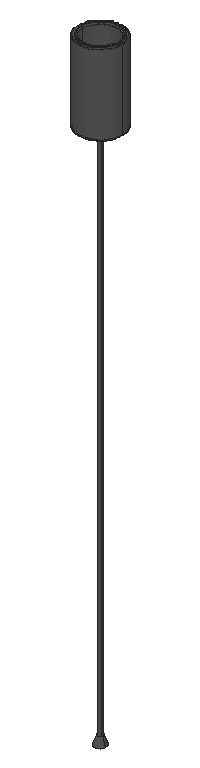
Revit family "CARLO CYLINDER LIGHT Pendant_ Surface", category Lighting Fixtures, host Face, Revit 2020 (continued)
Parameters (values of type "CCL4-07-20SPSW8-25-PSM-BK")
    6512.7 6337.3 6096.8 5769.4 5375.5 4936.1 4466.6 3990.5 3530.3 \r\n 3082.6 2655.5 2275.3 1953.2 1673.2 1442 1245 1106.6 968.85 870.12 \r\n 798 744.97 703.26 672.02 648.04 628.81 613.25 602.39 593.76 586.82 \r\n 579.71 570.95 562.87 546.78 535.14 520.34 494.26 456.89 411.01 360.96 \r\n 310.92 258.26 206.4 154.38 112.74 71.186 44.383 37.215 33.644 29.231 \r\n 26.16 23.416 21.105 18.898 16.684 14.213 11.945 9.6985 7.8503 6.0416 \r\n 4.5914 3.513 2.7998 2.271 1.8724 1.5956 1.3882 1.2658 1.1643 1.0951 \r\n 1.0141 0.96113 0.89652 0.83165 0.77882 0.71406 0.65722 0.60045 0.53162 0.47878 \r\n 0.41802 0.3572 0.29638 0.24375 0.19104 0.14234 0.097701 0.049082 0.00042468 0 \r\n 0 0 0 0 0 0 0 0 0 0 \r\n 0 0 0 0.0040221 0.016123 0.036335 0.068596 0.10103 0.12544 0.16182 \r\n 0.19429 0.24281 0.2794 0.33198 0.37665 0.42527 0.48198 0.53458 0.5913 0.6561 \r\n 0.72499 0.78589 0.86278 0.93178 1.0088 1.0938 1.179 1.2682 1.3692 1.4786 \r\n 1.5921 1.7337 1.8756 2.0336 2.2159 2.4064 2.6211 2.8521 3.1073 3.3668 \r\n 3.6537 3.9496 4.2657 4.594 4.9265 5.267 5.6036 5.9441 6.2727 6.593 \r\n 6.9013 7.1966 7.4725 7.7201 7.9594 8.1826 8.3815 8.5761 8.7547 8.917 \r\n 9.0752 9.2172 9.3427 9.4483 9.5336 9.5907 9.6394 9.6599 9.6561 9.6561 \r\n 9.5998 9.5148 9.4055 9.2924 9.1748 9.0813 9.0121 8.9834 8.9791 8.9952 \r\n 9.2385 \r\n6620.4 6527.5 6352.6 6114.2 5796.5 5411.3 4977.4 4516.1 4039.7 3576.4 \r\n 3129.5 2708.5 2319.2 1988.7 1717.6 1478.2 1278.2 1132.8 988.14 888.06 \r\n 811.76 753.51 712.13 679.48 654.33 634.41 619.95 607.71 598.43 590.08 \r\n 583.94 576.35 568.15 550.54 536.99 522.64 497.14 461.98 417.44 368.86 \r\n 318.62 263.94 213.63 161.03 119.67 78.454 51.126 40.2 34.504 29.367 \r\n 26.336 23.333 21.212 18.927 16.952 14.613 12.095 9.8084 7.9665 6.1841 \r\n 4.7072 3.6588 2.8811 2.3213 1.8931 1.6225 1.4125 1.2851 1.1938 1.1186 \r\n 1.0435 0.9802 0.91716 0.85785 0.79468 0.73537 0.68002 0.6169 0.55759 0.49051 \r\n 0.42726 0.37186 0.31264 0.26134 0.20218 0.15462 0.10331 0.059757 0.00068001 0 \r\n 0 0 0 0 0 0 0 0 0 0 \r\n 0 0 0 0.0039081 0.023495 0.051069 0.07865 0.11801 0.14581 0.18127 \r\n 0.22854 0.26814 0.31937 0.37073 0.42209 0.47736 0.53267 0.59563 0.65494 0.722 \r\n 0.78526 0.85628 0.92349 1.0024 1.0814 1.1721 1.2552 1.3499 1.4561 1.5745 \r\n 1.7125 1.8547 2.0087 2.1823 2.3834 2.5966 2.8295 3.0783 3.3545 3.6428 \r\n 3.946 4.2658 4.5898 4.9332 5.2692 5.605 5.9447 6.2766 6.6007 6.909 \r\n 7.2016 7.4619 7.7305 7.964 8.1776 8.3753 8.5533 8.7194 8.8775 9.016 \r\n 9.1504 9.2808 9.3874 9.4941 9.5773 9.6525 9.7041 9.7282 9.7402 9.7442 \r\n 9.7286 9.6659 9.591 9.5083 9.4214 9.354 9.2908 9.2588 9.2467 9.2778 \r\n 9.2385 \r\n6620.4 6571.8 6435.9 6225.7 5944.7 5596 5176.2 4733.5 4270.5 3802.5 \r\n 3358.2 2926.8 2546.2 2166.2 1859.5 1600 1382.6 1195 1048.4 937.28 \r\n 848.12 782.31 732.11 692.81 665 640.51 624.58 611.63 600.37 591.92 \r\n 585.61 578.08 570.06 553.92 540.64 527.13 506.76 475.71 434.54 388.44 \r\n 336.74 286.7 234.16 181.66 133.74 92.893 61.981 43.226 37.835 32.938 \r\n 29.153 25.077 21.865 19.643 17.539 15.221 13.115 10.542 8.5921 6.7866 \r\n 5.2365 4.0597 3.2272 2.593 2.1026 1.7459 1.4961 1.3139 1.1988 1.1037 \r\n 1.0321 0.95687 0.90897 0.83764 0.78587 0.7225 0.66288 0.59931 0.53577 0.47617 \r\n 0.41654 0.353 0.29344 0.23785 0.1862 0.13447 0.075154 0.031539 0 0 \r\n 0 0 0 0 0 0 0 0 0 0 \r\n 0.000063 0.0081069 0.027939 0.043798 0.055788 0.075763 0.10751 0.13544 0.17509 0.20688 \r\n 0.25058 0.29432 0.34196 0.38574 0.43742 0.49305 0.54871 0.6083 0.66794 0.73151 \r\n 0.79494 0.86251 0.93406 1.0096 1.0891 1.1725 1.2559 1.3396 1.4469 1.5583 \r\n 1.6855 1.8128 1.9635 2.1266 2.3174 2.5161 2.727 2.9734 3.22 3.5022 \r\n 3.7924 4.0984 4.4165 4.7533 5.0909 5.4209 5.7743 6.1081 6.4457 6.7634 \r\n 7.0652 7.3551 7.6251 7.8831 8.1089 8.3232 8.5138 8.6925 8.8593 9.0142 \r\n 9.1572 9.3 9.4191 9.5223 9.6215 9.7045 9.7639 9.7875 9.7874 9.7753 \r\n 9.7394 9.6875 9.6121 9.5365 9.4572 9.3897 9.3307 9.3308 9.339 9.3784 \r\n 9.2385 \r\n6620.4 6599.8 6479.4 6286.8 6031.4 5701.1 5309.3 4879.8 4420.5 3960.7 \r\n 3508.5 3072.4 2652.2 2269.5 1956.7 1681.2 1446.1 1249.1 1107.1 965.73 \r\n 871.15 798.49 744.75 702.73 669.82 645.33 626.44 612.96 601.86 591.65 \r\n 584.02 576.77 569.22 553.98 540.51 527.01 510.97 479.7 439.23 393.76 \r\n 341.75 292.02 238.93 189.14 139.31 101.01 62.843 43.449 36.996 32.016 \r\n 27.044 23.886 21.389 19.203 17.23 15.181 12.713 10.539 8.5825 6.8963 \r\n 5.2723 4.1455 3.257 2.6118 2.1233 1.7825 1.5184 1.3616 1.2376 1.1336 \r\n 1.0654 0.98974 0.94566 0.87816 0.82217 0.76238 0.70255 0.64272 0.57894 0.52301 \r\n 0.45928 0.39546 0.33953 0.2799 0.22007 0.176 0.1203 0.072341 0.024476 0.00026878 \r\n 0 0 0 0 0 0 0 0 0 0 \r\n 0 0 0 0 0.0078933 0.027714 0.055479 0.079461 0.12309 0.15121 \r\n 0.19489 0.23483 0.2826 0.33047 0.38228 0.43808 0.48603 0.54951 0.60545 0.67312 \r\n 0.73698 0.8008 0.87251 0.94825 1.028 1.1038 1.1914 1.2713 1.3745 1.4861 \r\n 1.6096 1.7372 1.8884 2.04 2.2231 2.4185 2.6257 2.8608 3.1158 3.3751 \r\n 3.6533 3.9601 4.2751 4.6099 4.945 5.284 5.6152 5.9581 6.2853 6.6084 \r\n 6.9157 7.2063 7.4817 7.7372 7.9649 8.1805 8.3801 8.5559 8.7196 8.8752 \r\n 9.0268 9.1626 9.286 9.3979 9.4859 9.5658 9.6337 9.6897 9.6943 9.6983 \r\n 9.7023 9.6589 9.5993 9.5199 9.4598 9.3803 9.332 9.2842 9.26 9.2597 \r\n 9.2385 \r\n6620.4 6641.8 6555.3 6380.5 6148.4 5865.4 5505.4 5100.8 4666.8 4193.7 \r\n 3739.2 3295.9 2855.5 2471.7 2124 1820.2 1565 1342.5 1166.9 1023.6 \r\n 912.2 830.23 768.66 720.64 685.85 656.39 633.22 616.73 604.49 593.05 \r\n 583.94 577.26 569.85 556.11 542.4 530.69 516.17 491.11 453.1 406.19 \r\n 354.38 305.28 253.57 201.85 149.01 104.97 68.792 45.359 37.114 31.433 \r\n 26.6 23.608 21.494 19.48 17.317 15.233 13.004 11.028 9.024 7.2987 \r\n 5.7075 4.4565 3.5096 2.8221 2.2799 1.892 1.5963 1.3845 1.2445 1.1288 \r\n 1.0606 0.98468 0.92857 0.8684 0.80046 0.74853 0.69642 0.64021 0.56827 0.51606 \r\n 0.44796 0.37986 0.31191 0.25972 0.19578 0.14767 0.095797 0.051702 0.0039738 0 \r\n 0 0 0 0 0 0 0 0 0 0 \r\n 0 0.000066 0.0081109 0.020198 0.040263 0.064298 0.088333 0.11248 0.14854 0.18446 \r\n 0.21663 0.2647 0.3127 0.35286 0.4049 0.45308 0.51313 0.56925 0.62934 0.68946 \r\n 0.75341 0.82151 0.88964 0.96181 1.0419 1.1181 1.2062 1.2944 1.3826 1.4869 \r\n 1.5992 1.7314 1.8634 2.0198 2.1921 2.3765 2.5731 2.8054 3.0381 3.3025 \r\n 3.5711 3.8677 4.1762 4.492 4.8285 5.1689 5.5054 5.842 6.1902 6.5067 \r\n 6.819 7.1194 7.4114 7.6637 7.9113 8.1434 8.3476 8.5357 8.704 8.8721 \r\n 9.0243 9.1764 9.3124 9.4324 9.5285 9.6203 9.7002 9.7518 9.7518 9.7518 \r\n 9.7435 9.7073 9.655 9.5789 9.5029 9.4388 9.3708 9.3192 9.2993 9.2993 \r\n 9.2385 \r\n6620.4 6652.3 6568 6397.9 6165.2 5903.7 5559.2 5163.1 4721.7 4267.2 \r\n 3801.1 3347.9 2919.3 2515.1 2160.6 1844.2 1583.4 1360.8 1169.9 1045.3 \r\n 921.53 833.22 773.31 723.13 684.52 655.37 632.32 615.14 601.04 590.77 \r\n 580.93 573.35 566.01 548.86 536.53 525.2 512.07 487.51 449.01 404.05 \r\n 349.99 300.35 242.91 192.15 141.99 103.46 65.068 44.767 37.827 31.722 \r\n 26.838 23.61 21.413 19.408 17.365 15.227 13.059 10.995 9.1181 7.4182 \r\n 5.8075 4.5112 3.5 2.7541 2.2137 1.8503 1.6001 1.4108 1.2975 1.1891 \r\n 1.1165 1.0402 0.99191 0.93581 0.86771 0.81137 0.74723 0.69094 0.6268 0.56257 \r\n 0.49834 0.43808 0.3739 0.30984 0.24561 0.19724 0.14511 0.096885 0.05268 0.00058608 \r\n 0 0 0 0 0 0 0 0 0 0 \r\n 0 0 0 0 0 0.015892 0.043795 0.06793 0.10788 0.13612 \r\n 0.18009 0.22028 0.26042 0.31644 0.3647 0.42082 0.46908 0.52504 0.5852 0.64938 \r\n 0.70965 0.7778 0.84604 0.92222 1.0025 1.0788 1.163 1.2433 1.3432 1.4436 \r\n 1.5637 1.6881 1.8245 1.9848 2.1453 2.3377 2.5383 2.7589 3.0114 3.2643 \r\n 3.5364 3.8371 4.1461 4.475 4.8002 5.1373 5.4666 5.8116 6.141 6.4582 \r\n 6.7793 7.0719 7.357 7.6222 7.8594 8.0962 8.2894 8.4821 8.6549 8.8156 \r\n 8.9762 9.1249 9.2611 9.3857 9.4903 9.5788 9.6553 9.7117 9.752 9.7644 \r\n 9.7645 9.7645 9.7089 9.6291 9.5409 9.4605 9.3802 9.3078 9.2633 9.2589 \r\n 9.2385 \r\n"
  Mounting Option [instance] = 2
  Model = "CCL4-07-20SPSW8-25-PSM-BK"
  Manufacturer = "Above All Lighting"
  built-in parameter 1150105 = 135.28 (stored number, unit not read)
  Lumens = 1700 lm
  built-in parameter 1150115 = 1 (stored number, unit not read)
  Load Classification = Lighting
  built-in parameter 1150137 = (empty or 0)
  built-in parameter 1150139 = (empty or 0)
  built-in parameter 1150112 = 1 (stored number, unit not read)
  built-in parameter 1150114 = 1 (stored number, unit not read)
  built-in parameter 1150132 = 2
  built-in parameter 1150102 = (empty or 0)
  built-in parameter 1150107 = 2700 (stored number, unit not read)
  built-in parameter 1150138 = (empty or 0)
  built-in parameter 1150106 = 1.3528 (stored number, unit not read)
  IP Rating = "IP 65 Suitable for Wet Location"  # constant formula
  Fixture Height = 0' - 7 51/256"
  Fixture Diameter = 0' - 4"
  Finish/Color = BLACK
  built-in parameter 1150104 = 13.8 (stored number, unit not read)
  Dimming Lamp Color Temperature Shift = <None>
  Dimming / Control = "0-10V"
  Description = "This architectural Carlo Cylinder light is designed for accent lighting and features a state-of-the-art design. \r\nIP65 rated for wet locations."
  Default Elevation = 0' - 0"
  Color Filter = 16777215
  Ceiling Mount [instance] = Mounting Option = 1  # no
  Canopy Height [instance] = 0' - 0 205/256"  # constant formula
  Cable Pendant [instance] = Mounting Option = 2  # yes
  CRI = "90Ra"  # constant formula
  built-in parameter 1114218 = 1 (stored number, unit not read)
  BEAMING ANGLE = 25.00°
  Average life based on 104F(HRS) = "L70 - 100,000 Hours"  # constant formula
  built-in parameter 1150133 = 10 (stored number, unit not read)
  Apparent Load = 20 VA
Reference planes (in)
  plane 1 "Center (Front/Back)": y = 0
  plane 2: z = 0
  plane 3 "Center (Left/Right)": x = 0
  plane 4: x = -2
  plane 5: x = 2
  plane 6: z = 56.42578
  plane 7: z = 49.22656
  plane 8: z = 0.80078
Forms (in)
  Revolve 1, solid, material "BLACK" <- "Finish/Color", visible <- "Rod Pendant"
    sketch origin (0, 0, 0) x (1, 0, 0) y (0, 0, 1)
      loop
        line (-0.27362, 0.80078) -> (0, 0.80078) -> (0, 49.22656) -> (-0.27362, 49.22656) -> (-0.27362, 0.80078)
      axis (0, 49.22656) -> (0, 0.80078)
    angle from 0 to 360
  Revolve 2, solid, material "BLACK" <- "Finish/Color", visible <- "Ceiling Mount"
    sketch origin (0, 0, 0) x (1, 0, 0) y (0, 0, 1)
      loop
        line (0, 0) -> (0, 0.80078) -> (-2, 0.80078) -> (-2, 0) -> (0, 0)
      axis (0, 0) -> (0, 0.80078)
    angle from 0 to 360
  Revolve 3, solid, material "BLACK" <- "Finish/Color", visible <- "Cable Pendant"
    sketch origin (5.5, 0, 0) x (1, 0, 0) y (0, 0, 1)
      loop
        line (-5.67206, 1.55078) -> (-5.758, 1.55078) -> (-6.01624, 0.80078) -> (-5.5, 0.80078) -> (-5.5, 49.22656) -> (-6.01624, 49.22656) -> (-5.758, 48.47656) -> (-5.67206, 48.47656) -> (-5.67206, 1.55078)
      axis (-5.5, 49.22656) -> (-5.5, 0.80078)
    angle from 0 to 360
Dimensions and locks (in)
  equal spacing: plane 4, plane 3 "Center (Left/Right)", plane 5
  "Fixture Diameter": plane 4 to plane 5
  "Pendent Rod Length_1": plane 7 to plane 8
  "Canopy Height": plane 8 to plane 2
  "Fixture Height": plane 6 to plane 7
  locked: Revolve 3 sketch curve to Revolve 3 sketch curve at 0.75
  locked: Revolve 3 sketch curve to Revolve 3 sketch curve at 0.79322  (x2)
  locked: Revolve 3 sketch curve to Revolve 2 at 0.75
  locked: Revolve 3 sketch curve to Revolve 3 sketch curve at 0.08594  (x2)
  aligned and locked: plane 2 to host face
  aligned and locked: level to host face
  aligned and locked: Revolve 1 sketch curve to plane 3 "Center (Left/Right)"  (x2)
  aligned and locked: Revolve 1 sketch curve to plane 7
  aligned and locked: plane 6 to imposter light
  aligned and locked: plane 3 "Center (Left/Right)" to imposter light
  aligned and locked: plane 8 to Revolve 1 sketch curve
  aligned and locked: plane 2 to Revolve 2 sketch curve
  aligned and locked: plane 8 to Revolve 2 sketch curve
  aligned and locked: Revolve 2 sketch curve to plane 3 "Center (Left/Right)"
  aligned and locked: plane 4 to Revolve 2 sketch curve
  aligned and locked: nested 1 to plane 7
  aligned and locked: plane 6 to nested 1
  aligned and locked: Revolve 3 sketch curve to plane 3 "Center (Left/Right)"
  aligned and locked: Revolve 3 sketch curve to plane 7
  aligned and locked: plane 8 to Revolve 3 sketch curve
Automatic sketch dimensions
  host sketch curve to host sketch curve = 8' - 0"  (x2)
  Revolve 1 sketch curve to Revolve 1 sketch curve = 0' - 0.27362"
  Revolve 1 sketch curve to Revolve 1 sketch curve = 0' - 0.10837"
  Revolve 1 sketch curve to Revolve 1 sketch curve = 0' - 0.30588"
  Revolve 2 sketch curve to plane 3 "Center (Left/Right)" = 0' - 0"
  Revolve 2 sketch curve to level = 0' - 0 3/4"
  Revolve 2 sketch curve to Revolve 2 sketch curve = 0' - 0 1/2"
  Revolve 3 sketch curve to plane 3 "Center (Left/Right)" = 0' - 0"
  Revolve 3 sketch curve to plane 3 "Center (Left/Right)" = 0' - 0.17206"
  Revolve 3 sketch curve to Revolve 3 sketch curve = 0' - 0.10837"
  Revolve 3 sketch curve to Revolve 3 sketch curve = 0' - 0.30588"
Nested families (in)
  nested 1: "Family3" at (0, 0, 49.22656), Materials1 <- "Finish/Color", Diameter <- "Fixture Diameter", CH <- "Fixture Height", Materials <- "Finish/Color", type "Family3"
    with Materials1 BLACK, Materials BLACK, Diameter 0' - 4", Circle2 Radius1 0' - 2", CH 0' - 7 51/256", Baffle dia 0' - 1 3/4"
Connectors (in)
  electrical at (0, 0, 0), driven by "Load Classification", driven by "Voltage", driven by "Apparent Load", driven by "Power Factor"
    settings: on host face, index 1, voltage 120 V, apparent load 20 VA, apparent load phase1 0 VA, apparent load phase2 0 VA, apparent load phase3 0 VA, power factor 1, load classification "Lighting", number of poles 1, system type 30, power factor state 1, is connector primary yes, connector utility no, sub classification motor no, connector description ""
Definition of nested family "Family3"
  Parameters (values of type "Family3")
    Materials1 [instance] = none
    Materials [instance] = none
    Diameter [instance] = 0' - 3.9"
    Default Elevation = 0' - 0"
    Circle2 Radius1 [instance] = Diameter / 2  # 0' - 1.95"
    CH [instance] = 0' - 4 115/128"
    Baffle dia [instance] = Circle2 Radius1 - 0' 0 1/4"  # 0' - 1.7"
  Reference planes (in)
    plane 1 "Center (Front/Back)": y = 0
    plane 2: z = 0
    plane 3 "Center (Left/Right)": x = 0
    plane 4: x = -1.95
    plane 5: x = 1.95
    plane 6: z = 2.6
    plane 7: z = 4.89844
  Forms (in)
    Revolve 1, solid, material <- "Materials"
      sketch origin (0, 0, 0) x (1, 0, 0) y (0, 0, 1)
        loop
          line (-1.7, 4.89844) -> (-1.7, 2.6) -> (-1.5306, 2.6) -> (-1.5306, 4.81132)
          arc (-1.5306, 4.81132) -> (-1.55612, 4.87292) -> (-1.61772, 4.89844) r 0.08711
          line (-1.61772, 4.89844) -> (-1.7, 4.89844)
        axis (0, 4.89844) -> (0, 2.6)
      angle from 0 to 360
    Revolve 2, solid, material <- "Materials1"
      sketch origin (0, 0, 0) x (1, 0, 0) y (0, 0, 1)
        loop
          arc (-1.89922, 4.89844) -> (-1.93513, 4.88356) -> (-1.95, 4.84766) r 0.05078
          line (-1.95, 4.84766) -> (-1.95, 0.05249)
          arc (-1.95, 0.05249) -> (-1.93462, 0.01538) -> (-1.89751, 0) r 0.05249
          line (-1.89751, 0) -> (0, 0) -> (0, 2.6) -> (-1.7, 2.6) -> (-1.7, 4.89844) -> (-1.89922, 4.89844)
        axis (0, 0) -> (0, 4.89844)
      angle from 0 to 360
  Dimensions and locks (in)
    equal spacing: plane 4, plane 3 "Center (Left/Right)", plane 5
    "Diameter": plane 4 to plane 5
    Revolve 1 sketch curve to Revolve 1 sketch curve = 0' - 0.1694"
    "Baffle dia": plane 3 "Center (Left/Right)" to Revolve 1 sketch curve
    locked: Revolve 2 sketch curve to Revolve 2 sketch curve at 0.25
    "Circle2 Radius1": plane 3 "Center (Left/Right)" to Revolve 2 sketch curve
    "CH": plane 7 to plane 2
    aligned and locked: plane 2 to level
    aligned and locked: Revolve 1 sketch curve to plane 6
    aligned and locked: plane 7 to Revolve 1 sketch curve
    aligned and locked: Revolve 1 sketch curve to plane 3 "Center (Left/Right)"
    aligned and locked: Revolve 2 sketch curve to plane 7
    aligned and locked: plane 3 "Center (Left/Right)" to Revolve 2 sketch curve  (x2)
    aligned and locked: plane 2 to Revolve 2 sketch curve
    aligned and locked: Revolve 2 sketch curve to plane 6
  Automatic sketch dimensions
    plane 4 to Revolve 2 sketch curve = 0' - 0 13/256"
    level to Revolve 2 sketch curve = 0' - 0.05249"
    level to Revolve 2 sketch curve = 0' - 0.85"
    Revolve 2 sketch curve to plane 6 = 0' - 0 3/4"
    Revolve 1 sketch curve to plane 7 = 0' - 0"
    Revolve 1 sketch curve to plane 7 = 0' - 0.08711"
    Revolve 1 sketch curve to plane 7 = 0' - 0 1/2"
